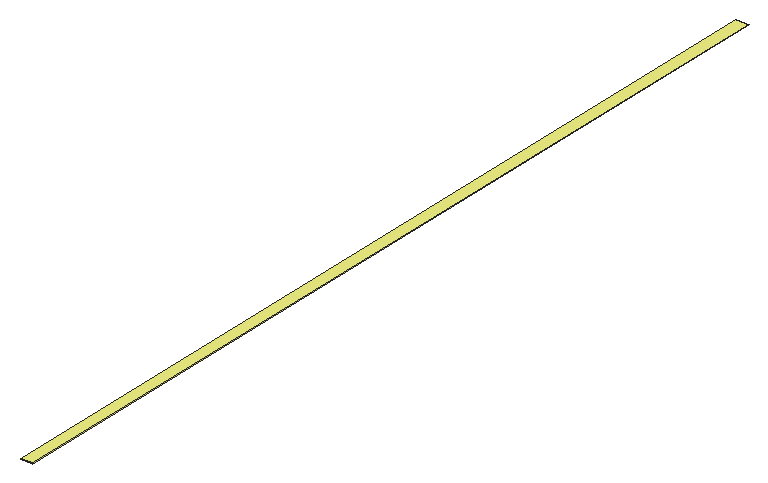
Revit family "M_Faixa da pavimentação", category Terreno, Revit 2019
Family settings
  Cota do conector redondo = Utilizar diâmetro
  Tipo de parte = Normal
  ID de item do Seek = Pavement Stripe-0000-CAN-ENU
  Com base no plano de trabalho = Não
  Sempre na vertical = Não
  Corte com vazios quando carregada = Não
  Compartilhado = Não
Parameters (values of type "5490mm")
  Comprimento da faixa [instance] = 5490.00 mm
Reference planes
  plane 1: z = 0
  plane 2 "Centro (Esquerda/Direita)": x = 1264.962
  plane 3 "Centro (Frente/Trás)": y = 859.225
Forms (mm)
  Extrusion 1, solid, material "Faixa de estacionamento"
    sketch origin (0, 0, 0) x (1, 0, 0) y (0, 1, 0)
      loop
        line (1226.862, 859.225) -> (1226.862, -4630.775) -> (1303.062, -4630.775) -> (1303.062, 859.225) -> (1226.862, 859.225)
    from 0 to 1.59
Lines and regions (mm)
  symbolic lines, style "Esquema de faixas de pavimento", detail levels coarse+medium
    curve 1: line (1264.962, -4627.175, 0) -> (1264.962, 859.225, 0)
Dimensions and locks
  "Comprimento da faixa": Extrusion 1 sketch curve to plane 3 "Centro (Frente/Trás)"
Automatic sketch dimensions
  Extrusion 1 sketch curve to plane 3 "Centro (Frente/Trás)" = 0.00 mm
  Extrusion 1 sketch curve to plane 2 "Centro (Esquerda/Direita)" = 38.10 mm
  plane 2 "Centro (Esquerda/Direita)" to Extrusion 1 sketch curve = 38.10 mm
  curve 1 to plane 2 "Centro (Esquerda/Direita)" = 0.00 mm
  curve 1 to plane 3 "Centro (Frente/Trás)" = 0.00 mm
  plane 3 "Centro (Frente/Trás)" to curve 1 = 5486.40 mm
